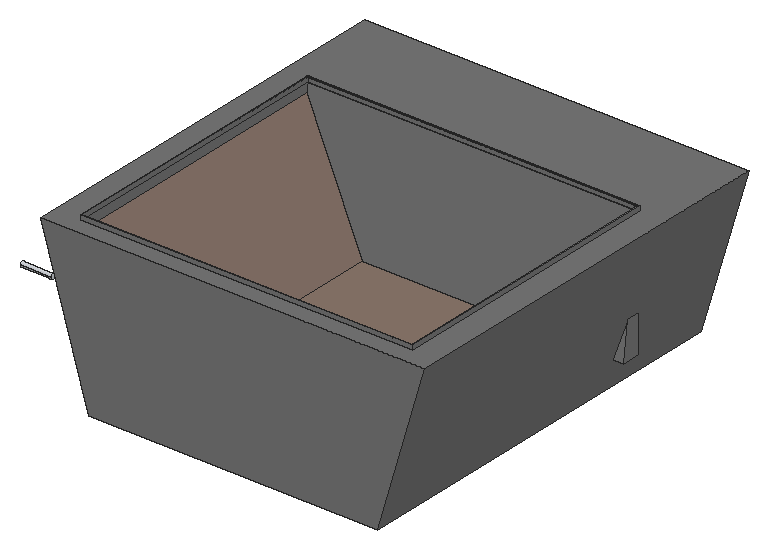
Revit family "Fireplace_Gas_Heatilator_Courtyard", category Mechanical Equipment, host Face, Revit 2015
Parameters (values of type "36 x 31 Viewing Area LP")
  gasrad [instance] = Gas Connection Diameter / 2  # 0' - 0 1/4"
  exhaustrad [instance] = Exhaust Connection Diameter / 2  # 0' - 4 7/16"
  Warranty Duration (Years) = 0
  Unit Width = 3' - 5 3/4"
  Unit Weight = 0
  Unit Height = 3' - 8"
  Unit Depth = 1' - 5 1/2"
  URL = "http://www.heatilator.com/"
  Test Data = ""
  Standards Conformance = "cULus  ;  ANSI Z21.97-2010  ;  CR97-003"
  Specification = "http://www.arcat.com/sdspecs/htm04/10_31_06hea.htm"
  SpecWizard = ""
  Send Message = "http://www.arcat.com/users.pl?action=UserEmail&amp;company=Heatilator<sup><small></small></sup>&amp;coid=49248&amp;rep=144&amp;fax=&amp;mf=95"
  Sales Information = "http://www.heatilator.com/Contact-Us.aspx"
  Revision = "R1_2018-05"
  Recess Into Host [instance] = 1' - 6"
  Rear Width = 2' - 7 1/2"
  Rear Wall Finish [instance] = Masonry - HHT - Brick as Specified
  Product Properties = ""
  Product Data = "http://www.arcat.com/arcatcos/cos9549/arc49248.html"
  Opening Width = 3' - 0"
  Opening Offset = 0' - 1 7/8"
  Opening Height = 2' - 6 3/4"
  Mounting Height [instance] = 1' - 10.76867"
  Model = "ODCOUG-36"
  Manufacturer Website = "http://www.heatilator.com/"
  Manufacturer Phone - Toll Free = "800-927-6841"
  Manufacturer Phone = ""
  Manufacturer Fax = ""
  Manufacturer Address = "7571 215th St. W.  Lakeville, MN 55044"
  Manufacturer = "Heatilator"
  Maintenance Schedule (Months) = 0
  Keynote = "10305"
  Installation-Fabrication = ""
  Installation Phase = ""
  Heating Capacity = "as Specified"
  HVAC_BTU Output = 0.0 Btu/h
  HVAC_BTU Input = 0.0 Btu/h
  Green Building-LEED = ""
  Glazing Tint [instance] = Glazing - HHT - Clear
  Gas Connection Diameter [instance] = 1/2"
  Fuel Type = "Liquid Petroleum"
  Fuel Consumption = "as Specified"
  Fixture Finish = Metal - HHT - Metallic Black
  Expected Lifespan (Years) = 0
  Exhaust Connection Diameter = 8 7/8"
  Efficiency Ratings = "as Specified"
  Drawn By = "Sumex Design, Inc. / Robert S. Weygant, CSI, CDT, SCIP"
  DoorHeight = 2' - 6 1/2"
  Door Width = 3' - 8"
  Door Finish [instance] = Metal - HHT - Metallic Black
  Description = "Heatilator Outdoor Gas Burning Fireplace - Courtyard 36 as Specified"
  Default Elevation = 0' - 0"
  Copyright = "©Arcat Inc."
  Construction Details = "http://www.arcat.com/details/heatil/heatil.html?coid=49248"
  Building Codes = ""
  Assembly Code = "D3020"
Types (4): name | Unit Width | Rear Width | Opening Width | Model | Fuel Type | Description
  36 x 31 Viewing Area NG | 3' - 5 3/4" | 2' - 7 1/2" | 3' - 0" | "ODCOUG-36" | "Natural Gas" | "Heatilator Outdoor Gas Burning Fireplace - Courtyard 36 as Specified"
  36 x 31 Viewing Area LP | 3' - 5 3/4" | 2' - 7 1/2" | 3' - 0" | "ODCOUG-36" | "Liquid Petroleum" | "Heatilator Outdoor Gas Burning Fireplace - Courtyard 36 as Specified"
  42 x 31 Viewing Area NG | 3' - 11 3/4" | 3' - 1 1/2" | 3' - 6" | "ODCOUG-42" | "Natural Gas" | "Heatilator Outdoor Gas Burning Fireplace - Courtyard 42 as Specified"
  42 x 31 Viewing Area LP | 3' - 11 3/4" | 3' - 1 1/2" | 3' - 6" | "ODCOUG-42" | "Liquid Petroleum" | "Heatilator Outdoor Gas Burning Fireplace - Courtyard 42 as Specified"
Reference planes (in)
  plane 1 "Opening CL": y = 0
  plane 2: z = 0
  plane 3 "Center (Left/Right)": x = 0
  plane 4: z = -18
  plane 5 "Front": z = -0.5
  plane 6: x = -18
  plane 7: x = 18
  plane 8: y = 14.1875
  plane 9 "FF": y = -41.20617
  plane 10: y = -18.4375
  plane 11: y = -16.5625
  plane 12: x = -20.875
  plane 13: x = 20.875
  plane 14: y = 25.5625
  plane 15: x = -15.75
  plane 16: x = 15.75
Forms (in)
  Extrusion 1, void
    sketch origin (0, 0, 0) x (1, 0, 0) y (0, 1, 0)
      loop
        line (20.875, 25.5625) -> (-20.875, 25.5625) -> (-20.875, -18.4375) -> (20.875, -18.4375) -> (20.875, 25.5625)
    from -18 to 5.63952
  Extrusion 2, solid, material "Metal - HHT - Metallic Black" <- "Fixture Finish"
    sketch origin (-6.5, -18.4375, 48) x (1, 0, 0) y (0, 0, 1)
      loop
        line (-14.375, -48.5) -> (-9.25, -66) -> (22.25, -66) -> (27.375, -48.5) -> (-14.375, -48.5)
    from -1.875 to 0
  Extrusion 3, solid, material "Metal - HHT - Metallic Black" <- "Fixture Finish"
    sketch origin (-6.5, -18.4375, 48) x (1, 0, 0) y (0, 0, 1)
      loop
        line (-14.375, -48.5) -> (-9.25, -66) -> (22.25, -66) -> (27.375, -48.5) -> (24.5, -48.5) -> (24.5, -49.5) -> (16.99445, -62.5) -> (-3.99445, -62.5) -> (-11.5, -49.5) -> (-11.5, -48.5) -> (-14.375, -48.5)
    from -32.625 to -1.875
  Extrusion 4, solid, material "Metal - HHT - Metallic Black" <- "Fixture Finish"
    sketch origin (-6.5, -18.4375, 48) x (1, 0, 0) y (0, 0, 1)
      loop
        line (-14.375, -48.5) -> (-9.25, -66) -> (22.25, -66) -> (27.375, -48.5) -> (-14.375, -48.5)
    from -32.625 to -44
  Extrusion 5, solid
    sketch origin (0, 0, 0) x (0, 1, 0) y (0, 0, 1)
      loop
        circle (-16.8125, -6.875) r 0.25
    from -20.875 to -24.25803
  Extrusion 6, solid, material "Metal - HHT - Metallic Black" <- "Fixture Finish"
    sketch origin (0, 0, 0) x (0, 1, 0) y (0, 0, 1)
      loop
        line (14.1875, -0.5) -> (12.21993, -14.5) -> (14.1875, -14.5) -> (14.1875, -0.5)
    from -18 to 18
  Extrusion 7, solid, material "Metal - HHT - Metallic Black" <- "Fixture Finish"
    sketch origin (0, -16.31553, -0.5) x (0, -1, 0) y (1, 0, 0)
      loop
        line (0.24697, -18) -> (0.24697, 18) -> (-30.50303, 18) -> (-30.50303, -18) -> (0.24697, -18)
      loop
        line (0.30947, -18.0625) -> (0.30947, 18.0625) -> (-30.56553, 18.0625) -> (-30.56553, -18.0625) -> (0.30947, -18.0625)
    from 0 to 0.5
  Extrusion 8, solid, material "Metal - HHT - Metallic Black" <- "Fixture Finish"
    sketch origin (0, 0, 0) x (0, 1, 0) y (0, 0, 1)
      loop
        line (14.25, 0) -> (14.04521, 0.14339) -> (14.04521, 0.10598) -> (14.1875, 0) -> (14.25, 0)
    from -18 to 18
Cuts and joins
  joined: Extrusion 2, Extrusion 3, Extrusion 4
Dimensions and locks (in)
  "Recess Into Host": level to plane 4
  "Unit Depth": plane 5 "Front" to plane 4
  equal spacing: plane 6, plane 3 "Center (Left/Right)", plane 7
  "Opening Width": plane 6 to plane 7
  "Mounting Height": plane 10 to plane 9 "FF"
  "Opening Offset": plane 10 to plane 11
  "Opening Height": plane 8 to plane 11
  equal spacing: plane 12, plane 3 "Center (Left/Right)", plane 13
  "Unit Width": plane 12 to plane 13
  equal spacing: plane 16, plane 3 "Center (Left/Right)", plane 15
  "Rear Width": plane 16 to plane 15
  locked: plane 5 "Front" to Extrusion 3 sketch curve at 14
  locked: plane 5 "Front" to Extrusion 3 sketch curve at 1  (x2)
  locked: plane 5 "Front" to Extrusion 5 sketch curve at 6.375
  locked: plane 10 to Extrusion 5 sketch curve at 1.625
  "Unit Height": plane 10 to plane 14
  locked: plane 5 "Front" to Extrusion 6 sketch curve at 14
  locked: plane 5 "Front" to Extrusion 6 sketch curve at 0
  "gasrad": radius of Extrusion 5 sketch curve
  locked: Extrusion 3 sketch curve to plane 7 (angle 30.00°)
  locked: plane 6 to Extrusion 3 sketch curve (angle 30.00°)
  aligned and locked: plane 2 to host face
  aligned and locked: level to host face
  aligned: Extrusion 1 to plane 5 "Front"
  aligned and locked: Extrusion 1 to plane 4
  aligned and locked: Extrusion 1 sketch curve to plane 10
  aligned and locked: plane 13 to Extrusion 1 sketch curve
  aligned and locked: Extrusion 1 sketch curve to plane 12
  aligned and locked: Extrusion 1 sketch curve to plane 14
  aligned and locked: plane 5 "Front" to Extrusion 2 sketch curve
  aligned and locked: Extrusion 2 sketch curve to plane 4
  aligned and locked: plane 16 to Extrusion 2 sketch curve
  aligned and locked: plane 15 to Extrusion 2 sketch curve
  aligned and locked: Extrusion 2 to plane 10
  aligned: plane 11 to Extrusion 2
  aligned and locked: plane 5 "Front" to Extrusion 3 sketch curve
  aligned and locked: Extrusion 3 sketch curve to plane 5 "Front"
  aligned and locked: plane 15 to Extrusion 3 sketch curve
  aligned and locked: plane 16 to Extrusion 3 sketch curve
  aligned and locked: Extrusion 3 sketch curve to plane 4
  aligned and locked: Extrusion 3 to plane 8
  aligned: Extrusion 3 to plane 11
  aligned and locked: plane 5 "Front" to Extrusion 4 sketch curve
  aligned and locked: plane 15 to Extrusion 4 sketch curve
  aligned and locked: plane 16 to Extrusion 4 sketch curve
  aligned and locked: plane 13 to Extrusion 4 sketch curve
  aligned and locked: plane 12 to Extrusion 4 sketch curve
  aligned and locked: Extrusion 4 to plane 8
  aligned and locked: Extrusion 5 to plane 12
  aligned and locked: Extrusion 4 to plane 14
  aligned and locked: plane 11 to cut or joined group of Extrusion 2, Extrusion 3, Extrusion 4
  aligned and locked: cut or joined group of Extrusion 2, Extrusion 3, Extrusion 4 to plane 11
  aligned and locked: Extrusion 6 to plane 6
  aligned and locked: Extrusion 6 to plane 7
  aligned and locked: Extrusion 8 to plane 6
  aligned and locked: plane 7 to Extrusion 8
Automatic sketch dimensions
  host sketch curve to host sketch curve = 8' - 0"
  host sketch curve to host sketch curve = 10' - 4 9/16"
  Extrusion 4 sketch curve to plane 4 = 0' - 0"
  Extrusion 2 sketch curve to plane 12 = 0' - 0"
  Extrusion 2 sketch curve to plane 13 = 0' - 0"
  Extrusion 3 sketch curve to plane 12 = 0' - 0"
  Extrusion 3 sketch curve to plane 6 = 0' - 0"
  Extrusion 3 sketch curve to plane 7 = 0' - 0"
  Extrusion 3 sketch curve to plane 13 = 0' - 0"
  Extrusion 6 sketch curve to plane 8 = 0' - 0"
  Extrusion 6 sketch curve to plane 8 = 0' - 1.96757"
  Extrusion 7 sketch curve to plane 7 = 0' - 0"
  plane 8 to Extrusion 7 sketch curve = 0' - 0"
  Extrusion 7 sketch curve to plane 6 = 0' - 0"
  Extrusion 7 sketch curve to plane 11 = 0' - 0"
  plane 8 to Extrusion 7 sketch curve = 0' - 0 1/16"
  Extrusion 7 sketch curve to plane 11 = 0' - 0 1/16"
  Extrusion 7 sketch curve to plane 6 = 0' - 0 1/16"
  plane 7 to Extrusion 7 sketch curve = 0' - 0 1/16"
  Extrusion 8 sketch curve to plane 8 = 0' - 0"
  Extrusion 8 sketch curve to plane 8 = 0' - 0.14229"
  plane 5 "Front" to Extrusion 8 sketch curve = 0' - 0.60598"
  Extrusion 8 sketch curve to Extrusion 8 sketch curve = 0' - 0.03741"
  Extrusion 8 sketch curve to Extrusion 8 sketch curve = 0' - 0 1/16"
  Extrusion 8 sketch curve to Extrusion 8 sketch curve = 0' - 0.10598"
Connectors (in)
  piping at (-20.875, -16.8125, -6.875), diameter 0.5, driven by "gasrad"
    settings: on Extrusion 5, index 6, connector inside diameter 1/2", connector length 0' - 0", flow factor 0, pipe flow 0 GPM, pressure drop 0.00 psi, fitting loss kfactor 0, connector angle 0.00°, fixture units 0, engagement length 0' - 0", angle of deflection 0.00°, flow configuration 0, flow direction 1, fitting loss method 0, system type 29, joint type 0, gender type 0, connector reference index -1, connector utility 0, adjustable connector no, is connector primary yes, connector description "Gas Inlet"
  electrical at (18.3125, 3.5625, -9.25)
    settings: on cut or joined group of Extrusion 2, Extrusion 3, Extrusion 4, index 7, voltage 0 V, apparent load 0 VA, apparent load phase1 0 VA, apparent load phase2 0 VA, apparent load phase3 0 VA, power factor 1, load classification "Other", number of poles 1, system type 31, power factor state 1, is connector primary yes, connector utility no, sub classification motor no, connector description ""
